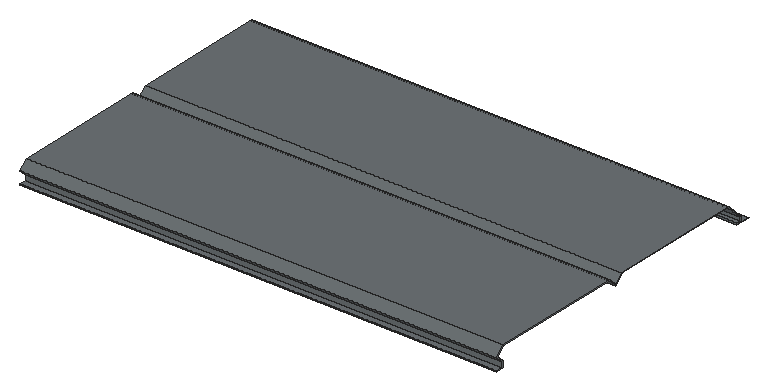
Revit family "BIMLIB_СайдингМеталлическийЭкобрус_GRANDLINE", category Обобщенные модели, Revit 2017
Family settings
  Может служить основой для арматурных стержней = Нет
  Размер круглого соединителя = Использовать диаметр
  Тип детали = Нормальный
  При загрузке вырезать с полостями = Нет
  Общий = Нет
  Точка расчета площади = Нет
Parameters (values of type "Экобрус")
  Смещение от плоскости [instance] = 0 mm
  Описание = ADSK_Наименование  # "Металлический сайдинг Экобрус"
  Изготовитель = "Grand Line"  # constant formula
  built-in parameter 1001306 [instance] = 500 mm
  Watermark [instance] = "Модели защищены уникальным кодом"
  URL = "https://www.grandline.ru"
  BL_Разработано = "support@bimlib.pro"
  BL_Email = "info@grandline.ru"
  BL_BIM library = "https://bimlib.pro/manufacturer/company/22430"
  ADSK_Размер_Ширина = 320 mm
  ADSK_Размер_Длина [instance] = [built-in parameter 1001306]  # 500 mm
  ADSK_Обозначение = "ГОСТ 19904-90, ГОСТ 14918-80"
  ADSK_Наименование = "Металлический сайдинг Экобрус"
  ADSK_Материал тип подсчета = 2  # constant formula
  ADSK_Материал = GL_Drap_RAL7016
  ADSK_Масса_Текст [instance] = ""
  ADSK_Масса [instance] = 0
  ADSK_Марка = ""
  ADSK_Количество [instance] = if(ADSK_Материал тип подсчета = 0, 1, if(ADSK_Материал тип подсчета = 1, ADSK_Размер_Длина / 1000 mm, if(ADSK_Материал тип подсчета = 2, ADSK_Размер_Длина * ADSK_Размер_Ширина / 1.00 m², 0)))  # 0.16
  ADSK_Код изделия = "M13.085.01"  # constant formula
  ADSK_Завод-изготовитель = "Grand Line"  # constant formula
  ADSK_Единица измерения = "м2"  # constant formula
  ADSK_Группирование = "Сайдинг"  # constant formula
  ADSK_Версия Revit = "2017"  # constant formula
  ADSK_URL страницы изделия = "https://www.grandline.ru/shop/fasad/metallicheskij-sajding/metallosajding-ekobrus-gl/"
  ADSK_URL документации изделия = "https://www.grandline.ru/shop/fasad/metallicheskij-sajding/metallosajding-ekobrus-gl/tehnicheskaya-dokumentaciya/#techdoc"
Reference planes
  plane 1 "По центру (Вперед/Назад)": y = 0
  plane 2: z = 0
  plane 3 "Слева": x = 0
  plane 4 "Справа": x = 500
  plane 5: y = 315.8
Forms (mm)
  Sweep 1, solid, material "GL_Drap_RAL7016" <- "ADSK_Материал"
    path in 3D
      loop
        line (0, 0, 0) -> (500, 0, 0)
    profile "Профиль_СайдингМеталлическийЭкобрус : Профиль" origin (250, 0, 0) x (0, 1, 0) y (0, 0, 1)
      loop
        line (8, 22) -> (0, 14) -> (6.837, 7.163) -> (6.837, 1.6) -> (0, 1.6) -> (0, 0.8) -> (7.637, 0.8) -> (7.637, 7.495) -> (1.131, 14) -> (8.331, 21.2) -> (147.669, 21.2) -> (156, 12.869) -> (164.331, 21.2) -> (303.669, 21.2) -> (319.2, 5.669) -> (319.2, 2.4) -> (315, 2.4) -> (315, 0) -> (330, 0) -> (330, 0.8) -> (315.8, 0.8) -> (315.8, 1.6) -> (320, 1.6) -> (320, 6) -> (304, 22) -> (164, 22) -> (156, 14) -> (148, 22) -> (8, 22)
Lines and regions (mm)
  reference lines
    curve 1: line (0, 0, 0) -> (500, 0, 0)
  sketch lines
    curve 2: line (0, 0, 0) -> (500, 0, 0)
Dimensions and locks
  "built-in parameter 1001306": plane 3 "Слева" to plane 4 "Справа"
  aligned and locked: plane 4 "Справа" to curve 1
  aligned and locked: plane 1 "По центру (Вперед/Назад)" to curve 1
  aligned and locked: plane 3 "Слева" to curve 1
  aligned and locked: level to plane 2
